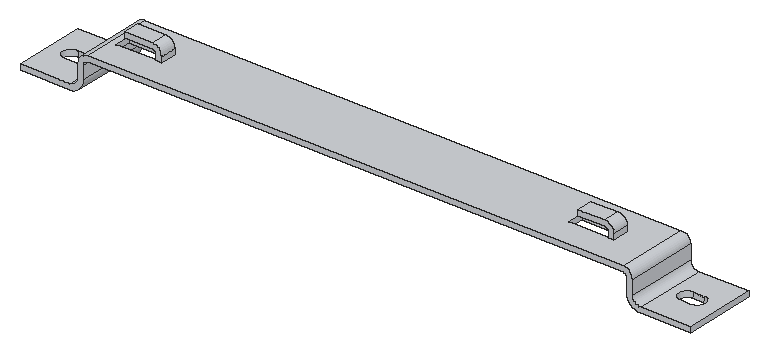
Revit family "Distanzbügel 300_FT_FS", category Generic Models, Revit 2017
Family settings
  Can host rebar = No
  Round Connector Dimension = Use Diameter
  Part Type = Normal
  Work Plane-Based = No
  Always vertical = Yes
  Cut with Voids When Loaded = No
  Shared = No
  Room Calculation Point = No
Parameters (values of type "DBLG 20 300 FS")
  Width 1 = Width / 2  # 150 mm
  Width = 300 mm
  URL = "http://www.obo-bettermann.com"
  Material = Strip-galvanised
  Manufacturer Art.No. = "6015670"
  Manufacturer = "OBO BETTERMANN"
  Length = 40 mm
  GTIN = "4012196961702"
  Cut's number = 2
  Article Type = "DBLG 20 300 FS"
Types (3, lengths in mm): name | Material | Manufacturer Art.No. | GTIN | Article Type
  (no name) | Strip-galvanised | "6015670" | "4012196961702" | "DBLG 20 300 FS"
  DBLG 20 300 FS | Strip-galvanised | "6015670" | "4012196961702" | "DBLG 20 300 FS"
  DBLG 20 300 FT | Hot-dip galvanised | "6015672" | "4012196043323" | "DBLG 20 300 FT"
Reference planes
  plane 1 "Center (Front/Back)": y = 0
  plane 2: z = 0
  plane 3 "Center (Left/Right)": x = 0
Forms (mm)
  Extrusion 1, solid
    sketch origin (0, 0, 0) x (1, 0, 0) y (0, 0, 1)
      loop
        line (-148, 17) -> (148, 17)
        arc (148, 17) -> (149.414, 16.414) -> (150, 15) r 2
        line (150, 15) -> (150, 7.5)
        arc (150, 7.5) -> (152.197, 2.197) -> (157.5, 0) r 7.5
        line (157.5, 0) -> (185, 0) -> (185, 3) -> (157.5, 3)
        arc (157.5, 3) -> (154.318, 4.318) -> (153, 7.5) r 4.5
        line (153, 7.5) -> (153, 15)
        arc (153, 15) -> (151.536, 18.536) -> (148, 20) r 5
        line (148, 20) -> (-148, 20)
        arc (-148, 20) -> (-151.536, 18.536) -> (-153, 15) r 5
        line (-153, 15) -> (-153, 7.5)
        arc (-153, 7.5) -> (-154.318, 4.318) -> (-157.5, 3) r 4.5
        line (-157.5, 3) -> (-185, 3) -> (-185, 0) -> (-157.5, 0)
        arc (-157.5, 0) -> (-152.197, 2.197) -> (-150, 7.5) r 7.5
        line (-150, 7.5) -> (-150, 15)
        arc (-150, 15) -> (-149.414, 16.414) -> (-148, 17) r 2
    from -40 to 0
  Extrusion 2, void
    sketch origin (0, 0, 0) x (1, 0, 0) y (0, 1, 0)
      loop
        arc (-173, 24.5) -> (-177.5, 20) -> (-173, 15.5) r 4.5
        line (-173, 15.5) -> (-167, 15.5)
        arc (-167, 15.5) -> (-162.5, 20) -> (-167, 24.5) r 4.5
        line (-167, 24.5) -> (-173, 24.5)
    from 0 to 3
  Extrusion 3, void
    sketch origin (0, 0, 0) x (1, 0, 0) y (0, 1, 0)
      loop
        arc (167, 24.5) -> (162.5, 20) -> (167, 15.5) r 4.5
        line (167, 15.5) -> (173, 15.5)
        arc (173, 15.5) -> (177.5, 20) -> (173, 24.5) r 4.5
        line (173, 24.5) -> (167, 24.5)
    from 0 to 3
  Extrusion 4, void
    sketch origin (0, 0, 0) x (1, 0, 0) y (0, 1, 0)
      loop
        line (-144.5, 24.5) -> (-144.5, 15.5) -> (-122.5, 15.5) -> (-122.5, 24.5) -> (-144.5, 24.5)
    from 17 to 20
  Extrusion 5, void
    sketch origin (250, 0, 0) x (1, 0, 0) y (0, 1, 0)
      loop
        line (-144.5, 24.5) -> (-144.5, 15.5) -> (-122.5, 15.5) -> (-122.5, 24.5) -> (-144.5, 24.5)
    from 17 to 20
  Extrusion 6, solid
    sketch origin (0, 0, 0) x (1, 0, 0) y (0, 0, 1)
      loop
        line (-122.5, 20) -> (-119.5, 20) -> (-119.5, 23.007)
        arc (-119.5, 23.007) -> (-120.962, 26.538) -> (-124.493, 28) r 4.993
        line (-124.493, 28) -> (-139.5, 28) -> (-139.5, 25) -> (-124.493, 25)
        arc (-124.493, 25) -> (-123.084, 24.416) -> (-122.5, 23.007) r 1.993
        line (-122.5, 23.007) -> (-122.5, 20)
    from -24.5 to -15.5
  Extrusion 7, solid
    sketch origin (0, 0, 0) x (1, 0, 0) y (0, 0, 1)
      loop
        line (127.5, 20) -> (130.5, 20) -> (130.5, 23.048)
        arc (130.5, 23.048) -> (129.05, 26.55) -> (125.548, 28) r 4.952
        line (125.548, 28) -> (110.5, 28) -> (110.5, 25) -> (125.548, 25)
        arc (125.548, 25) -> (126.928, 24.428) -> (127.5, 23.048) r 1.952
        line (127.5, 23.048) -> (127.5, 20)
    from -24.5 to -15.5
Cuts and joins
  Extrusion 2, Extrusion 3, Extrusion 4, Extrusion 5 cuts Extrusion 1
Dimensions and locks
  "Length": Extrusion 1 to Extrusion 1
  locked: Extrusion 1 to Extrusion 2 sketch curve at 15.5
  locked: Extrusion 2 sketch curve to Extrusion 2 sketch curve at 9
  locked: Extrusion 1 to Extrusion 2 sketch curve at 7.5
  locked: Extrusion 1 to Extrusion 2 sketch curve at 22.5
  locked: cut or joined group of Extrusion 1, Extrusion 2, Extrusion 3, Extrusion 4, Extrusion 5 to Extrusion 3 sketch curve at 15.5
  locked: Extrusion 3 sketch curve to Extrusion 3 sketch curve at 9
  locked: Extrusion 3 sketch curve to cut or joined group of Extrusion 1, Extrusion 2, Extrusion 3, Extrusion 4, Extrusion 5 at 7.5
  locked: Extrusion 3 sketch curve to cut or joined group of Extrusion 1, Extrusion 2, Extrusion 3, Extrusion 4, Extrusion 5 at 22.5
  locked: Extrusion 4 sketch curve to Extrusion 4 sketch curve at 9
  locked: Extrusion 4 sketch curve to Extrusion 4 sketch curve at 22
  locked: Extrusion 5 sketch curve to Extrusion 5 sketch curve at 9
  locked: Extrusion 5 sketch curve to Extrusion 5 sketch curve at 22
  group 1 to group 2 = 250 mm
  group 1 to group 2 = 0 mm  (x2)
  "Width": cut or joined group of Extrusion 1, Extrusion 2, Extrusion 3, Extrusion 4, Extrusion 5 to cut or joined group of Extrusion 1, Extrusion 2, Extrusion 3, Extrusion 4, Extrusion 5
  "Width 1": plane 3 "Center (Left/Right)" to cut or joined group of Extrusion 1, Extrusion 2, Extrusion 3, Extrusion 4, Extrusion 5
  locked: cut or joined group of Extrusion 1, Extrusion 2, Extrusion 3, Extrusion 4, Extrusion 5 to Extrusion 6 sketch curve at 30.5
  locked: Extrusion 6 sketch curve to cut or joined group of Extrusion 1, Extrusion 2, Extrusion 3, Extrusion 4, Extrusion 5 at 5
  Extrusion 6 sketch curve to Extrusion 6 sketch curve = 15.007 mm
  locked: Extrusion 6 sketch curve to Extrusion 6 sketch curve at 3  (x2)
  locked: Extrusion 6 sketch curve to Extrusion 6 sketch curve at 17
  cut or joined group of Extrusion 1, Extrusion 2, Extrusion 3, Extrusion 4, Extrusion 5 to Extrusion 6 sketch curve = 13.5 mm
  Extrusion 7 sketch curve to Extrusion 7 sketch curve = 17 mm
  locked: Extrusion 7 sketch curve to Extrusion 7 sketch curve at 20
  locked: Extrusion 7 sketch curve to Extrusion 7 sketch curve at 3  (x2)
  locked: Extrusion 7 sketch curve to cut or joined group of Extrusion 1, Extrusion 2, Extrusion 3, Extrusion 4, Extrusion 5 at 8
  Extrusion 7 sketch curve to cut or joined group of Extrusion 1, Extrusion 2, Extrusion 3, Extrusion 4, Extrusion 5 = 5 mm
  locked: cut or joined group of Extrusion 1, Extrusion 2, Extrusion 3, Extrusion 4, Extrusion 5 to Extrusion 7 sketch curve at 39.5
  aligned and locked: level to plane 2
  aligned and locked: Extrusion 1 sketch curve to level  (x2)
  aligned and locked: plane 1 "Center (Front/Back)" to Extrusion 1
  aligned and locked: Extrusion 2 to level
  aligned and locked: Extrusion 1 to Extrusion 2
  aligned and locked: Extrusion 3 to level
  aligned and locked: Extrusion 1 to Extrusion 3
  aligned and locked: Extrusion 1 to Extrusion 4  (x2)
  aligned and locked: Extrusion 6 sketch curve to cut or joined group of Extrusion 1, Extrusion 2, Extrusion 3, Extrusion 4, Extrusion 5
  aligned and locked: Extrusion 6 to cut or joined group of Extrusion 1, Extrusion 2, Extrusion 3, Extrusion 4, Extrusion 5
  aligned and locked: cut or joined group of Extrusion 1, Extrusion 2, Extrusion 3, Extrusion 4, Extrusion 5 to Extrusion 6  (x2)
  aligned and locked: cut or joined group of Extrusion 1, Extrusion 2, Extrusion 3, Extrusion 4, Extrusion 5 to cut or joined group of Extrusion 1, Extrusion 2, Extrusion 3, Extrusion 4, Extrusion 5
  aligned and locked: Extrusion 7 sketch curve to cut or joined group of Extrusion 1, Extrusion 2, Extrusion 3, Extrusion 4, Extrusion 5
  aligned and locked: cut or joined group of Extrusion 1, Extrusion 2, Extrusion 3, Extrusion 4, Extrusion 5 to Extrusion 7
  aligned and locked: Extrusion 7 to cut or joined group of Extrusion 1, Extrusion 2, Extrusion 3, Extrusion 4, Extrusion 5
Automatic sketch dimensions
  Extrusion 1 sketch curve to Extrusion 1 sketch curve = 0 mm  (x10)
  Extrusion 1 sketch curve to Extrusion 1 sketch curve = 4.5 mm  (x2)
  Extrusion 1 sketch curve to Extrusion 1 sketch curve = 2 mm  (x2)
  plane 3 "Center (Left/Right)" to Extrusion 1 sketch curve = 148 mm
  Extrusion 1 sketch curve to Extrusion 1 sketch curve = 27.5 mm  (x2)
  Extrusion 1 sketch curve to Extrusion 1 sketch curve = 7.5 mm
  Extrusion 1 sketch curve to Extrusion 1 sketch curve = 3 mm
  Extrusion 1 sketch curve to plane 3 "Center (Left/Right)" = 148 mm
  Extrusion 6 sketch curve to Extrusion 6 sketch curve = 0 mm
  Extrusion 7 sketch curve to Extrusion 7 sketch curve = 0 mm
  Extrusion 7 sketch curve to Extrusion 7 sketch curve = 1.952 mm
